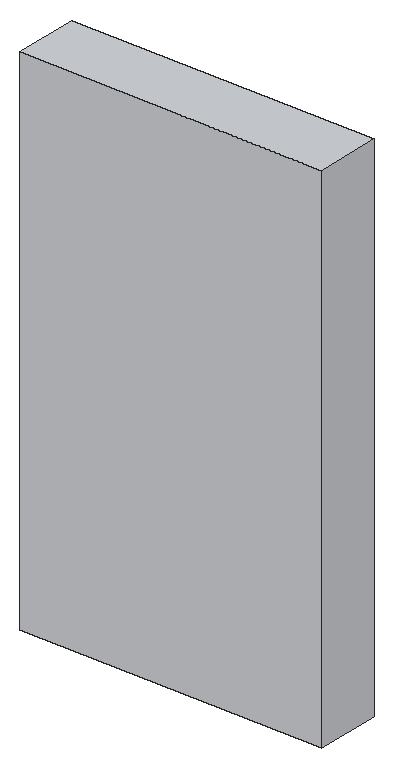
Revit family "ELEC_Electrical Panel", category Electrical Equipment, host Wall, Revit 2024
Family settings
  Host = Wall
  Panel Configuration = Two Columns, Circuits Across
  Round Connector Dimension = Use Diameter
  Part Type = Panelboard
  Always vertical = Yes
  Cut with Voids When Loaded = No
  Maintain Annotation Orientation = No
  Shared = No
  Room Calculation Point = No
Parameters (values of type "Fire Alarm Panel")
  built-in parameter 1140142 [instance] = -1
  built-in parameter 1140140 [instance] = 1 (stored number, unit not read)
  built-in parameter 1155100 [instance] = -1
  EA_Repath [instance] = 0 mm
  Default Elevation = 0 mm
  Assembly Code = "D5030700"
  Height = 600 mm
  Mounting Height = 900 mm
  Width = 350 mm
Types (3, lengths in mm): name | Assembly Code | Height | Width
  Power Panel | "D50" | 760 | 450
  Lighting Panel | "D5090200" | 650 | 300
  Fire Alarm Panel | "D5030700" | 600 | 350
Reference planes
  plane 1: y = 0
  plane 2: z = 0
  plane 3: x = -405.412
  plane 4: x = -55.412
  plane 5: z = 1500
  plane 6: z = 900
  plane 7: y = 151.2
  plane 8: y = 76.2
Forms (mm)
  Extrusion 1, solid
    sketch origin (0, 0, 0) x (1, 0, 0) y (0, 1, 0)
      loop
        line (-405.412, 151.2) -> (-405.412, 76.2) -> (-55.412, 76.2) -> (-55.412, 151.2) -> (-405.412, 151.2)
    from 900 to 1500
Lines and regions (mm)
  symbolic lines
    curve 1: line (-405.412, 151.2, 0) -> (-55.412, 76.2, 0)
Text (mm)
  text "Interior" at (-1346.302, -335.096, 0), in view "Floor Line"
  text "Exterior" at (0, 1019.848, 3124.603), in view "Right"
  text "Interior" at (0, -1635.541, 3124.603), in view "Right"
Dimensions and locks
  "Mounting Height": host wall to plane 6
  "Height": plane 6 to plane 5
  "Width": plane 3 to plane 4
  plane 7 to plane 8 = 75 mm
  plane 3 to plane 4 = 350 mm
  aligned and locked: plane 3 to Extrusion 1
  aligned and locked: Extrusion 1 to plane 4
  aligned and locked: plane 7 to Extrusion 1
  aligned and locked: plane 8 to host wall
  aligned and locked: Extrusion 1 to curve 1
  aligned and locked: Extrusion 1 to plane 5
  aligned and locked: plane 6 to Extrusion 1
Automatic sketch dimensions
  Extrusion 1 sketch curve to host wall = 0 mm
  plane 3 to Extrusion 1 sketch curve = 0 mm
  Extrusion 1 sketch curve to plane 4 = 0 mm
  host wall to Extrusion 1 sketch curve = 75 mm
  curve 1 to plane 3 = 0 mm
  curve 1 to host wall = 0 mm
  curve 1 to plane 4 = 0 mm
